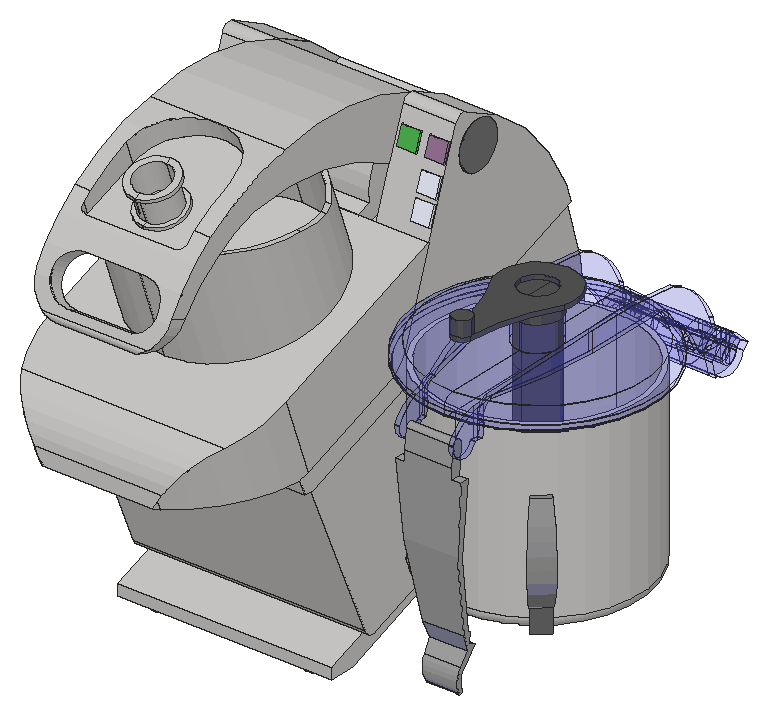
Revit family "QF_DITOSAMA_600431_DTRK45Y", category Specialty Equipment, Revit 2018
Family settings
  Round Connector Dimension = Use Diameter
  Part Type = Normal
  Work Plane-Based = No
  Always vertical = Yes
  Cut with Voids When Loaded = No
  Shared = No
  Room Calculation Point = No
Parameters (values of type "QF_DITO SAMA_600431_DTRK45Y")
  Weight = 27.40 kg
  Watts = 0 W
  Volts = 200 V
  URL Manufacturer = "http://www.ditosama.com"
  URL = "http://www.ditosama.com"
  Steam Supply Size = 0 mm
  Steam Supply Minimum Pressure = 0.0 Pa
  Steam Supply Maximum Pressure = 0.0 Pa
  Steam Pounds per Hour = 0
  Refrigeration Suction Line Size = 0 mm
  Refrigeration Liquid Line Size = 0 mm
  Refrigerant Compressor Remote = yes
  Manufacturer = "Dito Sama"
  Phase = 1
  Model = "DTRK45Y"
  Length Actual = 252 mm  # constant formula
  Item Number = "600431"
  Hot Water Size = 0 mm
  Height Actual = 505 mm  # constant formula
  HP = "1.3 HP"
  Gas Size = 0 mm
  Gas KW = 0
  Gas Input Pressure = 0 W
  Direct Waste Size = 0 mm
  Description = "CUTTER/SLICER 4.5L VARIAB.SPEED-1000W-200-240/1/50-60"
  Depth Actual = 485 mm  # constant formula
  Cycle = 60 Hz
  Condensate Return Size = 0 mm
  Compressed Air Volume = 0.0 L/s
  Compressed Air Size = 0 mm
  Compressed Air Pressure = 0.0 Pa
  Cold Water Size = 0 mm
  Accessory = yes
Reference planes
  plane 1 "Center (Front/Back)": y = 0
  plane 2: z = 0
  plane 3 "Center (Left/Right)": x = 0
  plane 4 "BASE": through (-1506.947, -1354.442, -482.669) normal (0, -0.342, 0.9397)
  plane 5 "TOP": z = 725
  plane 6 "FRONT": y = -250
  plane 7 "BACK": y = 250
  plane 8 "LEFT": x = -126
  plane 9 "RIGHT": x = 126
  plane 10 "BaseSup": through (4267.2, -355.454, 143.983) normal (0, -0.342, 0.9397)
  plane 11 "TopCylinder": z = 505
  plane 12 "panel": through (4267.2, 37.396, 376.789) normal (0, -0.9397, 0.342)
  plane 13 "TAN1": through (4267.2, -242.8, 386.84) normal (0, -0.868, 0.4965)
  plane 14 "cx": x = -4.392
  plane 15: z = 490
  plane 16: z = 685
  plane 17 "EI_1": z = 320
  plane 18: z = 224
  plane 19 "SupportOblique": through (4267.2, 163.975, 96.815) normal (0, 0.809, 0.5878)
  plane 20 "CX2": x = 350
Forms (mm)
  Extrusion 1, solid, material "QF_Finishes_Stainless Steel"
    sketch origin (0, 71.755, 29.173) x (0, 0.939693, 0.34202) y (0, -0.34202, 0.939693)
      loop
        line (196.964, 40) -> (-146.726, 40) -> (-150.519, 29.578) -> (-124.204, 20) -> (196.964, 20) -> (196.964, 40)
    from -114.1 to 114.1
  Extrusion 2, solid, material "QF_Finishes_Stainless Steel"
    sketch origin (0, 71.755, 29.173) x (0, 0.939693, 0.34202) y (0, -0.34202, 0.939693)
      loop
        arc (-117.754, 231.836) -> (-115.679, 141.222) -> (-107.501, 50.953) r 1344.145
        arc (-107.501, 50.953) -> (-103.371, 43.13) -> (-95.098, 40) r 12.5
        line (-95.098, 40) -> (191.415, 40)
        arc (191.415, 40) -> (200.799, 44.052) -> (207.001, 52.177) r 20.212
        arc (207.001, 52.177) -> (236.663, 139.796) -> (245.906, 231.836) r 409.593
        line (245.906, 231.836) -> (-117.754, 231.836)
    from -123.6 to 123.2
  Extrusion 3, solid, material "QF_Finishes_Stainless Steel"
    sketch origin (0, 71.755, 29.173) x (0, 0.939693, 0.34202) y (0, -0.34202, 0.939693)
      loop
        line (-117.754, 231.836) -> (250, 231.836) -> (250, 254)
        arc (250, 254) -> (225.127, 344.7) -> (167.861, 419.303) r 244.524
        arc (167.861, 419.303) -> (160.498, 421.774) -> (153.587, 418.23) r 10
        line (153.587, 418.23) -> (25.432, 265.5)
        arc (25.432, 265.5) -> (14.376, 257.016) -> (0.77, 254) r 32.194
        line (0.77, 254) -> (-128.224, 254) -> (-128.224, 236.946) -> (-117.754, 231.836)
    from -125 to 125
  Extrusion 4, void
    sketch origin (0, 71.755, 29.173) x (0, 0.939693, 0.34202) y (0, -0.34202, 0.939693)
      loop
        line (146.605, 338.403) -> (228.145, 338.403)
        arc (228.145, 338.403) -> (202.221, 381.996) -> (167.861, 419.303) r 244.524
        arc (167.861, 419.303) -> (160.498, 421.774) -> (153.587, 418.23) r 10
        line (153.587, 418.23) -> (72.34, 321.403) -> (146.605, 321.403) -> (146.605, 338.403)
    from -76.755 to 68.071
  Extrusion 5, solid, material "QF_Finishes_Stainless Steel"
    sketch origin (0, 71.755, 29.173) x (0, 0.939693, 0.34202) y (0, -0.34202, 0.939693)
      loop
        line (86.605, 338.403) -> (69.605, 321.403) -> (146.605, 321.403) -> (146.605, 338.403) -> (138.179, 338.403) -> (138.179, 369.367)
        arc (138.179, 369.367) -> (147.784, 373.474) -> (158.149, 372.174) r 19.987
        arc (158.149, 372.174) -> (156.791, 382.001) -> (162.888, 389.826) r 12.748
        arc (162.888, 389.826) -> (123.302, 374.774) -> (101.605, 338.403) r 64.447
        line (101.605, 338.403) -> (86.605, 338.403)
    from -65 to 50
  Extrusion 6, solid, material "QF_Finishes_Stainless Steel"
    sketch origin (539, 71.755, 29.173) x (0, -0.939693, -0.34202) y (0, -0.34202, 0.939693)
      loop
        circle (-169.102, 378.696) r 12.748
    from 489 to 604
  Extrusion 7, solid, material "QF_Finishes_Rubber Black"
    sketch origin (0, 71.755, 29.173) x (0, 0.939693, 0.34202) y (0, -0.34202, 0.939693)
      loop
        circle (169.102, 378.696) r 25
    from 125 to 126.6
  Extrusion 8, solid, material "QF_Finishes_Green"
    sketch origin (-10, -113.728, -38.42) x (0, -0.34202, -0.939693) y (1, 0, 0)
      loop
        line (-529.862, 82.865) -> (-509.862, 82.865) -> (-509.862, 102.865) -> (-529.862, 102.865) -> (-529.862, 82.865)
    from 0 to 1.6
  Extrusion 9, solid, material "QF_Finishes_Red"
    sketch origin (20, -113.728, -38.42) x (0, -0.34202, -0.939693) y (1, 0, 0)
      loop
        line (-529.862, 82.865) -> (-509.862, 82.865) -> (-509.862, 102.865) -> (-529.862, 102.865) -> (-529.862, 82.865)
    from 0 to 1.6
  Extrusion 10, solid, material "QF_Finishes_White"
    sketch origin (19.976, -149.421, -75.636) x (0, -0.34202, -0.939693) y (1, 0, 0)
      loop
        line (-521.192, 82.865) -> (-501.192, 82.865) -> (-501.192, 102.865) -> (-521.192, 102.865) -> (-521.192, 82.865)
    from 0 to 1.6
  Extrusion 11, solid, material "QF_Finishes_Rubber Black"
    sketch origin (-20, -293.925, 99.376) x (0, -1, 0) y (1, 0, 0)
      loop
        circle (-230.144, 103.748) r 10
      loop
        circle (-230.144, -61.252) r 10
    from 9.274 to 3.787
  Extrusion 12, void
    sketch origin (-20.94, 306.731, 139.428) x (-1, 0, 0) y (0, -0.34202, 0.939693)
      loop
        circle (-20.94, 196.093) r 10
    from -1.916 to -26.433
  Extrusion 13, solid, material "QF_Finishes_Stainless Steel"
    sketch origin (-20.94, 306.678, 139.573) x (-1, 0, 0) y (0, -0.34202, 0.939693)
      loop
        circle (-20.94, 195.939) r 9.999
    from -8.514 to -26.433
  Extrusion 14, solid, material "QF_Finishes_Stainless Steel"
    sketch origin (0, -15.119, 267.855) x (0, -0.939693, -0.34202) y (1, 0, 0)
      loop
        line (-86.605, -125) -> (117.754, -125)
        arc (117.754, -125) -> (182.577, -108.838) -> (232.224, -64.135) r 138.076
        arc (232.224, -64.135) -> (246.337, -33.516) -> (250, 0) r 104.824
        arc (250, 0) -> (246.337, 33.516) -> (232.224, 64.135) r 104.824
        arc (232.224, 64.135) -> (182.577, 108.838) -> (117.754, 125) r 138.076
        line (117.754, 125) -> (-86.605, 125) -> (-86.605, -125)
    from 0 to 84.403
  Extrusion 15, void
    sketch origin (0, 71.755, 29.173) x (0, 0.939693, 0.34202) y (0, -0.34202, 0.939693)
      loop
        line (-183.149, 338.403) -> (-263.395, 338.403) -> (-263.395, 254) -> (-128.224, 254) -> (-235.716, 293.124) -> (-229.509, 307.133)
        arc (-229.509, 307.133) -> (-211.109, 329.855) -> (-183.149, 338.403) r 50
      loop
        line (86.605, 338.403) -> (25.432, 265.5)
        arc (25.432, 265.5) -> (14.376, 257.016) -> (0.77, 254) r 32.194
        line (0.77, 254) -> (86.605, 254) -> (86.605, 338.403)
    from -156.555 to 144.79
  Extrusion 16, solid, material "QF_Finishes_Rubber Black"
    sketch origin (-20, -255.757, 37.007) x (0, -0.939693, -0.34202) y (1, 0, 0)
      loop
        circle (-230.144, 103.748) r 10
      loop
        circle (-230.144, -61.252) r 10
    from -1.968 to 3.787
  Extrusion 17, solid, material "QF_Finishes_Stainless Steel"
    sketch origin (0, 0, 0) x (0, 1, 0) y (0, 0, 1)
      loop
        arc (-237.987, 360.286) -> (-193.334, 422.101) -> (-125.907, 457.716) r 167.502
        arc (-125.907, 457.716) -> (-32.614, 457.202) -> (54.785, 424.565) r 266.494
        line (54.785, 424.565) -> (73.036, 474.711)
        arc (73.036, 474.711) -> (77.269, 479.853) -> (83.792, 481.198) r 10
        arc (83.792, 481.198) -> (1.801, 503.572) -> (-83.051, 498.734) r 263.981
        arc (-83.051, 498.734) -> (-135.605, 484.534) -> (-183.511, 458.675) r 236.13
        arc (-183.511, 458.675) -> (-222.818, 420.732) -> (-248.457, 372.49) r 174.407
        arc (-248.457, 372.49) -> (-249.83, 368.135) -> (-247.05, 364.513) r 4.945
        line (-247.05, 364.513) -> (-237.987, 360.286)
    from -76.755 to 68.071
  Extrusion 18, void
    sketch origin (0, -252.846, 369.279) x (0, -0.496521, -0.868025) y (1, 0, 0)
      loop
        line (-13.723, -36.755) -> (-13.723, 28.071)
        arc (-13.723, 28.071) -> (-38.723, 53.071) -> (-63.723, 28.071) r 25
        line (-63.723, 28.071) -> (-63.723, -36.755)
        arc (-63.723, -36.755) -> (-38.723, -61.755) -> (-13.723, -36.755) r 25
    from -148.493 to 7.125
  Extrusion 19, void
    sketch origin (0, -88.076, 32.057) x (0, -0.34202, -0.939693) y (1, 0, 0)
      loop
        line (-257.162, 68.071) -> (-297.162, 68.071)
        arc (-297.162, 68.071) -> (-268.878, 56.356) -> (-257.162, 28.071) r 40
        line (-257.162, 28.071) -> (-257.162, 68.071)
      loop
        line (-257.162, -76.755) -> (-257.162, -36.755)
        arc (-257.162, -36.755) -> (-268.878, -65.039) -> (-297.162, -76.755) r 40
        line (-297.162, -76.755) -> (-257.162, -76.755)
    from 233.374 to 280.473
  Extrusion 20, void
    sketch origin (0, -73.76, 246.511) x (0, -0.939693, -0.34202) y (1, 0, 0)
      loop
        spline (50.415, 43.499) -> (50.302, 44.538) -> (50.07, 45.551) -> (49.722, 46.523) -> (49.265, 47.436) -> (48.705, 48.278) -> (48.053, 49.034) -> (47.317, 49.692) -> (46.511, 50.241) -> (45.647, 50.674) -> (44.738, 50.981) -> (43.801, 51.16) -> (42.848, 51.221)
        line (42.848, 51.221) -> (-21.826, 51.221)
        arc (-21.826, 51.221) -> (-77.476, -4.429) -> (-21.826, -60.078) r 55.65
        line (-21.826, -60.078) -> (42.849, -60.064)
        spline (42.849, -60.064) -> (43.796, -60.017) -> (44.73, -59.836) -> (45.637, -59.525) -> (46.5, -59.088) -> (47.306, -58.532) -> (48.042, -57.867) -> (48.695, -57.103) -> (49.256, -56.253) -> (49.715, -55.331) -> (50.065, -54.351) -> (50.3, -53.329) -> (50.415, -52.283)
        line (50.415, -52.283) -> (50.415, 43.499)
    from 219.928 to 259.975
  Extrusion 21, void
    sketch origin (0, -87.856, 241.381) x (0, -0.939693, -0.34202) y (1, 0, 0)
      loop
        circle (-4.976, -4.429) r 22.5
    from 184.171 to 259.975
  Extrusion 22, solid, material "QF_Finishes_Stainless Steel"
    sketch origin (0, -57.13, 252.564) x (0, -0.939693, -0.34202) y (1, 0, 0)
      loop
        circle (-27.476, -4.429) r 100
      loop
        circle (-27.476, -4.429) r 95
    from 84.403 to 219.928
  Extrusion 23, void
    sketch origin (539, 0, 0) x (0, -1, 0) y (0, 0, 1)
      loop
        line (-7.229, 448.453) -> (38.883, 431.669) -> (53.883, 431.669) -> (97.232, 435.738) -> (172.232, 435.738) -> (200.5, 434.424) -> (12.562, 502.828) -> (-7.229, 448.453)
    from 424.9 to 664
  Revolve 24, solid, material "QF_Finishes_Stainless Steel"
    sketch origin (-4.392, 0, 0) x (0, 1, 0) y (0, 0, 1)
      loop
        line (-159.523, 452.833) -> (-177.266, 446.376) -> (-188.766, 477.973) -> (-195.199, 475.631) -> (-193.959, 472.225) -> (-189.261, 473.935) -> (-179, 445.744) -> (-183.698, 444.034) -> (-182.575, 440.948) -> (-179.543, 442.052) -> (-133.191, 314.7) -> (-112.048, 322.396) -> (-159.523, 452.833)
      axis (-112.048, 322.396) -> (-171.023, 484.431)
    angle from 0 to 360
  Extrusion 25, solid, material "QF_Door-Drawer Clearances", detail levels coarse
    sketch origin (0, -262.072, 735.095) x (0, -0.581279, -0.813704) y (0, 0.813704, -0.581279)
      loop
        arc (-237.987, 360.286) -> (-193.334, 422.101) -> (-125.907, 457.716) r 167.502
        arc (-125.907, 457.716) -> (-61.925, 460.915) -> (0.971, 448.753) r 266.494
        arc (0.971, 448.753) -> (-2.208, 475.472) -> (-2.432, 502.379) r 244.524
        arc (-2.432, 502.379) -> (-31.549, 503.211) -> (-60.594, 500.999) r 278.64
        arc (-60.594, 500.999) -> (-125.023, 488.463) -> (-183.511, 458.675) r 236.13
        arc (-183.511, 458.675) -> (-222.818, 420.732) -> (-248.457, 372.49) r 174.407
        arc (-248.457, 372.49) -> (-249.83, 368.135) -> (-247.05, 364.513) r 4.945
        line (-247.05, 364.513) -> (-237.987, 360.286)
    from -76.755 to 68.071
  Extrusion 26, solid, material "QF_Door-Drawer Clearances", detail levels coarse
    sketch origin (-4.392, 0, -55) x (0, 1, 0) y (0, 0, 1)
      loop
        arc (180.062, 780.324) -> (-149.234, 694.151) -> (-249.905, 368.994) r 350.321
        line (-249.905, 368.994) -> (-246.546, 377.767)
        arc (-246.546, 377.767) -> (-144.345, 691.9) -> (174.993, 776.44) r 345.321
        line (174.993, 776.44) -> (180.062, 780.324)
    from -60 to 60
  Extrusion 27, solid, material "QF_Finishes_Rubber Black"
    sketch origin (-20, -20.834, 122.512) x (0, -0.939693, -0.34202) y (1, 0, 0)
      loop
        circle (-230.144, 103.748) r 10
      loop
        circle (-230.144, -61.252) r 10
    from -1.968 to 3.787
  Extrusion 28, void
    sketch origin (-4.392, 0, 0) x (0, 1, 0) y (0, 0, 1)
      loop
        circle (163.975, 96.815) r 5.399
    from -121.608 to 130.392
  Sweep 29, solid, material "QF_Finishes_Stainless Steel"
    path origin (0, 153.361, 111.423) x (0, -0.587785, 0.809017) y (1, 0, 0)
      loop
        line (-133.401, 56) -> (-133.401, 112.5)
        arc (-133.401, 112.5) -> (-130.472, 119.571) -> (-123.401, 122.5) r 10
        line (-123.401, 122.5) -> (-28.058, 122.5)
        arc (-28.058, 122.5) -> (-20.987, 119.571) -> (-18.058, 112.5) r 10
        line (-18.058, 112.5) -> (-18.058, -112.5)
        arc (-18.058, -112.5) -> (-20.987, -119.571) -> (-28.058, -122.5) r 10
        line (-28.058, -122.5) -> (-123.401, -122.5)
        arc (-123.401, -122.5) -> (-130.472, -119.571) -> (-133.401, -112.5) r 10
        line (-133.401, -112.5) -> (-133.401, -56)
    profile origin (84.25, 231.772, 3.5) x (0, 0.587785, -0.809017) y (0, 0.809017, 0.587785)
      loop
        circle (0, 0) r 3.5
  Extrusion 30, void
    sketch origin (-4.392, 0, 0) x (0, 1, 0) y (0, 0, 1)
      loop
        line (50.281, 42.641) -> (71.708, 50.44) -> (64.376, 57.771) -> (50.281, 52.641) -> (50.281, 42.641)
    from -119.208 to -51.608
  Extrusion 31, void
    sketch origin (4.392, 0, 0) x (0, 1, 0) y (0, 0, -1)
      loop
        line (50.281, -42.641) -> (50.281, -52.641) -> (64.376, -57.771) -> (71.708, -50.44) -> (50.281, -42.641)
    from -119.208 to -51.608
  Extrusion 32, solid, material "QF_Door-Drawer Clearances", detail levels coarse
    sketch origin (350, -160.4, -17.118) x (0, -0.34202, -0.939693) y (0, -0.939693, 0.34202)
      loop
        line (-206.754, 118.191) -> (-331.133, -223.538)
        arc (-331.133, -223.538) -> (-241.482, -246.331) -> (-149.003, -248.426) r 409.593
        arc (-149.003, -248.426) -> (-139.246, -245.378) -> (-132.229, -237.945) r 20.212
        line (-132.229, -237.945) -> (-34.236, 31.289)
        arc (-34.236, 31.289) -> (-34.347, 40.134) -> (-40.286, 46.691) r 12.5
        arc (-40.286, 46.691) -> (-122.314, 85.249) -> (-206.754, 118.191) r 1344.145
    from -123.6 to 123.2
  Extrusion 33, solid, material "QF_Door-Drawer Clearances", detail levels coarse
    sketch origin (350, -160.4, -17.118) x (0, -0.34202, -0.939693) y (0, -0.939693, 0.34202)
      loop
        line (-134.127, -243.16) -> (-115.333, -250) -> (-5.487, 51.799) -> (-5.487, 79.803) -> (-16.578, 79.803) -> (-134.127, -243.16)
    from -114.1 to 114.1
  Extrusion 34, solid, material "QF_Door-Drawer Clearances", detail levels coarse
    sketch origin (330, -388.076, 105.131) x (0, -1, 0) y (1, 0, 0)
      loop
        circle (-230.144, 103.748) r 10
      loop
        circle (-230.144, -61.252) r 10
    from -1.968 to 3.787
  Extrusion 35, solid, material "QF_Door-Drawer Clearances", detail levels coarse
    sketch origin (330, -138.076, 105.131) x (0, -1, 0) y (1, 0, 0)
      loop
        circle (-230.144, 103.748) r 10
      loop
        circle (-230.144, -61.252) r 10
    from -1.968 to 3.787
  Extrusion 36, solid, material "QF_Door-Drawer Clearances", detail levels coarse
    sketch origin (0, 250, 0) x (-1, 0, 0) y (0, 0, 1)
      loop
        circle (-350, 200) r 10
    from -89.12 to -78.665
  Extrusion 37, solid, material "QF_Finishes_White"
    sketch origin (19.976, -140.87, -52.143) x (0, -0.34202, -0.939693) y (1, 0, 0)
      loop
        line (-521.192, 82.865) -> (-501.192, 82.865) -> (-501.192, 102.865) -> (-521.192, 102.865) -> (-521.192, 82.865)
    from 0 to 1.6
Cuts and joins
  Extrusion 4, Extrusion 19, Extrusion 20, Extrusion 21 cuts Extrusion 3
  Extrusion 15, Extrusion 19, Extrusion 20, Extrusion 21 cuts Extrusion 14
  Extrusion 18, Extrusion 19, Extrusion 20, Extrusion 21 cuts Extrusion 17
  Extrusion 12, Extrusion 20, Extrusion 21 cuts Extrusion 2
  Extrusion 23 cuts Extrusion 22
  Extrusion 28, Extrusion 30, Extrusion 31 cuts Extrusion 1
Lines and regions (mm)
  symbolic lines
    curve 1: line (-76.755, 170.4, 0) -> (-76.755, -235.217, 0)
    curve 2: line (68.071, -235.135, 0) -> (68.071, 170.4, 0)
    curve 3: line (-76.755, 83.792, 0) -> (68.071, 83.792, 0)
    curve 4: line (-76.755, 170.4, 0) -> (68.071, 170.4, 0)
    curve 5: line (68.071, -83.051, 0) -> (-76.755, -83.051, 0)
    curve 6: line (-60.078, -136.967, 0) -> (51.221, -136.967, 0)
    curve 7: line (-60.078, -128.47, 0) -> (-60.078, -194.06, 0)
    curve 8: line (51.221, -193.76, 0) -> (51.221, -128.47, 0)
    curve 9: spline (-52.282, -199.891, 0) -> (-53.276, -199.815, 0) -> (-54.25, -199.647, 0) -> (-55.19, -199.39, 0) -> (-56.081, -199.046, 0) -> (-56.909, -198.622, 0) -> (-57.663, -198.124, 0) -> (-58.331, -197.559, 0) -> (-58.902, -196.936, 0) -> (-59.369, -196.264, 0) -> (-59.724, -195.553, 0) -> (-59.961, -194.815, 0) -> (-60.078, -194.06, 0)
    curve 10: line (43.499, -199.901, 0) -> (-52.283, -199.901, 0)
    curve 11: spline (51.218, -193.76, 0) -> (51.156, -194.554, 0) -> (50.964, -195.333, 0) -> (50.645, -196.085, 0) -> (50.204, -196.798, 0) -> (49.648, -197.459, 0) -> (48.986, -198.058, 0) -> (48.229, -198.586, 0) -> (47.39, -199.033, 0) -> (46.483, -199.392, 0) -> (45.521, -199.658, 0) -> (44.521, -199.826, 0) -> (43.499, -199.893, 0)
    curve 12: spline (-4.392, -146.848, 0) -> (-11.05, -147.672, 0) -> (-17.255, -150.087, 0) -> (-22.583, -153.929, 0) -> (-26.672, -158.936, 0) -> (-29.242, -164.766, 0) -> (-30.119, -171.023, 0) -> (-29.242, -177.28, 0) -> (-26.672, -183.111, 0) -> (-22.583, -188.118, 0) -> (-17.255, -191.96, 0) -> (-11.05, -194.375, 0) -> (-4.392, -195.199, 0)
    curve 13: spline (-4.392, -195.199, 0) -> (2.267, -194.375, 0) -> (8.472, -191.96, 0) -> (13.8, -188.118, 0) -> (17.888, -183.111, 0) -> (20.459, -177.28, 0) -> (21.335, -171.023, 0) -> (20.459, -164.766, 0) -> (17.888, -158.936, 0) -> (13.8, -153.929, 0) -> (8.472, -150.087, 0) -> (2.267, -147.672, 0) -> (-4.392, -146.848, 0)
    curve 14: spline (-4.392, -188.766, 0) -> (-9.279, -188.162, 0) -> (-13.832, -186.389, 0) -> (-17.743, -183.569, 0) -> (-20.744, -179.895, 0) -> (-22.63, -175.616, 0) -> (-23.273, -171.023, 0) -> (-22.63, -166.431, 0) -> (-20.744, -162.152, 0) -> (-17.743, -158.477, 0) -> (-13.832, -155.658, 0) -> (-9.279, -153.885, 0) -> (-4.392, -153.281, 0)
    curve 15: spline (-4.392, -153.281, 0) -> (0.495, -153.885, 0) -> (5.049, -155.658, 0) -> (8.96, -158.477, 0) -> (11.96, -162.152, 0) -> (13.846, -166.431, 0) -> (14.49, -171.023, 0) -> (13.846, -175.616, 0) -> (11.96, -179.895, 0) -> (8.96, -183.569, 0) -> (5.049, -186.389, 0) -> (0.495, -188.162, 0) -> (-4.392, -188.766, 0)
    curve 16: spline (-22.254, -165.273, 0) -> (-20.617, -168.597, 0) -> (-18.289, -171.534, 0) -> (-15.368, -173.96, 0) -> (-11.98, -175.77, 0) -> (-8.268, -176.888, 0) -> (-4.392, -177.266, 0) -> (-0.515, -176.888, 0) -> (3.197, -175.77, 0) -> (6.585, -173.96, 0) -> (9.505, -171.534, 0) -> (11.834, -168.597, 0) -> (13.471, -165.273, 0)
    curve 17: spline (21.106, -162.743, 0) -> (21.02, -155.749, 0) -> (18.807, -149.071, 0) -> (14.651, -143.268, 0) -> (8.902, -138.825, 0) -> (2.04, -136.115, 0) -> (-5.361, -135.365, 0) -> (-12.68, -136.637, 0) -> (-19.306, -139.824, 0) -> (-24.683, -144.661, 0) -> (-28.361, -150.742, 0) -> (-30.034, -157.558, 0) -> (-29.559, -164.538, 0)
    curve 18: spline (15.591, -154.349, 0) -> (13.851, -150.277, 0) -> (11.185, -146.674, 0) -> (7.729, -143.723, 0) -> (3.657, -141.574, 0) -> (-0.824, -140.337, 0) -> (-5.485, -140.073, 0) -> (-10.091, -140.797, 0) -> (-14.408, -142.471, 0) -> (-18.216, -145.011, 0) -> (-21.322, -148.287, 0) -> (-23.569, -152.134, 0) -> (-24.843, -156.356, 0)
    curve 19: line (-36.755, -245.358, 0) -> (-36.755, -220.255, 0)
    curve 20: line (28.071, -220.255, 0) -> (28.071, -245.358, 0)
    curve 21: line (-36.755, -220.255, 0) -> (28.071, -220.255, 0)
    curve 22: line (-36.755, -231.961, 0) -> (28.071, -231.961, 0)
    curve 23: line (28.071, -245.358, 0) -> (-36.755, -245.358, 0)
    curve 24: arc (-36.755, -231.961, 0) -> (-47.346, -230.66, 0) -> (-57.309, -226.836, 0) r 43.78
    curve 25: arc (28.071, -231.961, 0) -> (38.611, -230.648, 0) -> (48.525, -226.836, 0) r 43.78
    curve 26: line (108.532, -216.09, 0) -> (68.016, -248.959, 0)
    curve 27: spline (108.532, -216.09, 0) -> (111.117, -211.341, 0) -> (113.492, -206.496, 0) -> (115.654, -201.564, 0) -> (117.598, -196.552, 0) -> (119.32, -191.469, 0) -> (120.82, -186.324, 0) -> (122.092, -181.125, 0) -> (123.137, -175.882, 0) -> (123.951, -170.603, 0) -> (124.533, -165.296, 0) -> (124.883, -159.972, 0) -> (125, -154.639, 0)
    curve 28: line (125, -154.639, 0) -> (125, 227.385, 0)
    curve 29: spline (63.971, -249.433, 0) -> (63.542, -249.481, 0) -> (63.11, -249.529, 0) -> (62.674, -249.577, 0) -> (62.235, -249.624, 0) -> (61.792, -249.672, 0) -> (61.346, -249.719, 0) -> (60.896, -249.766, 0) -> (60.442, -249.813, 0) -> (59.985, -249.86, 0) -> (59.525, -249.907, 0) -> (59.06, -249.954, 0) -> (58.593, -250, 0)
    curve 30: spline (68.016, -248.959, 0) -> (67.688, -248.999, 0) -> (67.358, -249.038, 0) -> (67.026, -249.078, 0) -> (66.693, -249.118, 0) -> (66.359, -249.157, 0) -> (66.022, -249.197, 0) -> (65.684, -249.236, 0) -> (65.345, -249.276, 0) -> (65.004, -249.315, 0) -> (64.661, -249.354, 0) -> (64.317, -249.394, 0) -> (63.971, -249.433, 0)
    curve 31: line (-68.016, -248.959, 0) -> (68.016, -248.959, 0)
    curve 32: line (-68.016, -248.959, 0) -> (-108.532, -216.09, 0)
    curve 33: spline (-63.971, -249.433, 0) -> (-64.317, -249.394, 0) -> (-64.661, -249.354, 0) -> (-65.004, -249.315, 0) -> (-65.345, -249.276, 0) -> (-65.684, -249.236, 0) -> (-66.022, -249.197, 0) -> (-66.359, -249.157, 0) -> (-66.693, -249.118, 0) -> (-67.026, -249.078, 0) -> (-67.358, -249.038, 0) -> (-67.688, -248.999, 0) -> (-68.016, -248.959, 0)
    curve 34: spline (-58.593, -250, 0) -> (-59.06, -249.954, 0) -> (-59.525, -249.907, 0) -> (-59.985, -249.86, 0) -> (-60.442, -249.813, 0) -> (-60.896, -249.766, 0) -> (-61.346, -249.719, 0) -> (-61.792, -249.672, 0) -> (-62.235, -249.624, 0) -> (-62.674, -249.577, 0) -> (-63.11, -249.529, 0) -> (-63.542, -249.481, 0) -> (-63.971, -249.433, 0)
    curve 35: line (-76.755, -235.217, 0) -> (-60.604, -248.457, 0)
    curve 36: spline (-125, -154.639, 0) -> (-124.883, -159.972, 0) -> (-124.533, -165.296, 0) -> (-123.951, -170.603, 0) -> (-123.137, -175.882, 0) -> (-122.092, -181.125, 0) -> (-120.82, -186.324, 0) -> (-119.32, -191.469, 0) -> (-117.598, -196.552, 0) -> (-115.654, -201.564, 0) -> (-113.492, -206.496, 0) -> (-111.117, -211.341, 0) -> (-108.532, -216.09, 0)
    curve 37: line (-125, 227.385, 0) -> (-125, -154.639, 0)
    curve 38: arc (-76.755, -160.023, 0) -> (-93.256, -130.498, 0) -> (-99.37, -97.232, 0) r 103.622
    curve 39: arc (-76.755, -168.026, 0) -> (-96.901, -135.101, 0) -> (-104.377, -97.232, 0) r 109.55
    curve 40: spline (-99.395, -97.232, 0) -> (-99.428, -93.546, 0) -> (-99.341, -89.86, 0) -> (-99.135, -86.178, 0) -> (-98.81, -82.506, 0) -> (-98.367, -78.845, 0) -> (-97.806, -75.201, 0) -> (-97.127, -71.576, 0) -> (-96.331, -67.976, 0) -> (-95.419, -64.402, 0) -> (-94.392, -60.86, 0) -> (-93.251, -57.352, 0) -> (-91.998, -53.883, 0)
    curve 41: arc (-91.998, -53.883, 0) -> (-88.614, -46.234, 0) -> (-84.624, -38.883, 0) r 103.541
    curve 42: spline (-84.624, -38.883, 0) -> (-84.026, -38.009, 0) -> (-83.417, -37.142, 0) -> (-82.798, -36.282, 0) -> (-82.167, -35.428, 0) -> (-81.527, -34.582, 0) -> (-80.876, -33.742, 0) -> (-80.214, -32.91, 0) -> (-79.543, -32.085, 0) -> (-78.861, -31.267, 0) -> (-78.169, -30.457, 0) -> (-77.467, -29.655, 0) -> (-76.755, -28.86, 0)
    curve 43: spline (-90.488, -38.883, 0) -> (-89.506, -37.356, 0) -> (-88.492, -35.846, 0) -> (-87.448, -34.355, 0) -> (-86.375, -32.883, 0) -> (-85.271, -31.43, 0) -> (-84.139, -29.997, 0) -> (-82.978, -28.585, 0) -> (-81.788, -27.193, 0) -> (-80.571, -25.823, 0) -> (-79.326, -24.476, 0) -> (-78.054, -23.15, 0) -> (-76.755, -21.847, 0)
    curve 44: arc (-97.398, -53.883, 0) -> (-94.227, -46.252, 0) -> (-90.488, -38.883, 0) r 109.406
    curve 45: spline (-104.397, -97.232, 0) -> (-104.428, -93.553, 0) -> (-104.346, -89.875, 0) -> (-104.151, -86.201, 0) -> (-103.844, -82.535, 0) -> (-103.425, -78.879, 0) -> (-102.894, -75.238, 0) -> (-102.252, -71.615, 0) -> (-101.499, -68.013, 0) -> (-100.637, -64.435, 0) -> (-99.665, -60.886, 0) -> (-98.585, -57.367, 0) -> (-97.398, -53.883, 0)
    curve 46: spline (-104.429, -60.179, 0) -> (-104.227, -54.213, 0) -> (-103.623, -48.272, 0) -> (-102.618, -42.379, 0) -> (-101.218, -36.558, 0) -> (-99.427, -30.832, 0) -> (-97.253, -25.224, 0) -> (-94.704, -19.758, 0) -> (-91.791, -14.454, 0) -> (-88.526, -9.335, 0) -> (-84.922, -4.421, 0) -> (-80.993, 0.268, 0) -> (-76.755, 4.714, 0)
    curve 47: line (-104.429, -60.179, 0) -> (-104.429, -91.125, 0)
    curve 48: line (-125, 37.396, 0) -> (-76.755, 37.396, 0)
    curve 49: line (-125, 227.385, 0) -> (125, 227.385, 0)
    curve 50: line (-125, 219.805, 0) -> (125, 219.805, 0)
    curve 51: line (-65, 113.885, 0) -> (50, 113.885, 0)
    curve 52: line (50, 113.885, 0) -> (50, 83.792, 0)
    curve 53: line (-65, 113.885, 0) -> (-65, 83.792, 0)
    curve 54: line (-65, 91.491, 0) -> (50, 91.491, 0)
    curve 55: line (50, 93.777, 0) -> (68.071, 93.777, 0)
    curve 56: line (-65, 93.777, 0) -> (-76.755, 93.777, 0)
    curve 57: line (72.865, 67.495, 0) -> (92.865, 67.495, 0)
    curve 58: line (72.865, 59.152, 0) -> (72.865, 67.495, 0)
    curve 59: line (92.865, 59.152, 0) -> (72.865, 59.152, 0)
    curve 60: line (92.865, 67.495, 0) -> (92.865, 59.152, 0)
    curve 61: line (102.865, 67.495, 0) -> (122.865, 67.495, 0)
    curve 62: line (102.865, 59.152, 0) -> (102.865, 67.495, 0)
    curve 63: line (122.865, 59.152, 0) -> (102.865, 59.152, 0)
    curve 64: line (122.865, 67.495, 0) -> (122.865, 59.152, 0)
    curve 65: line (102.841, 48.394, 0) -> (122.841, 48.394, 0)
    curve 66: line (102.841, 40.05, 0) -> (102.841, 48.394, 0)
    curve 67: line (122.841, 40.05, 0) -> (102.841, 40.05, 0)
    curve 68: line (122.841, 48.394, 0) -> (122.841, 40.05, 0)
    curve 69: line (92.865, 65.992, 0) -> (72.865, 65.992, 0)
    curve 70: line (122.865, 65.992, 0) -> (102.865, 65.992, 0)
    curve 71: line (122.841, 46.891, 0) -> (102.841, 46.891, 0)
    curve 72: line (-123.6, 250, 0) -> (123.2, 250, 0)
    curve 73: line (123.2, 227.385, 0) -> (123.2, 250, 0)
    curve 74: line (-123.6, 227.385, 0) -> (-123.6, 250, 0)
    curve 75: line (68.071, 37.396, 0) -> (125, 37.396, 0)
    curve 76: line (68.071, -235.135, 0) -> (51.82, -248.457, 0)
    curve 77: arc (68.071, -159.898, 0) -> (84.5, -130.423, 0) -> (90.587, -97.232, 0) r 103.622
    curve 78: arc (68.071, -167.913, 0) -> (88.145, -135.031, 0) -> (95.593, -97.232, 0) r 109.55
    curve 79: spline (90.612, -97.232, 0) -> (90.644, -93.546, 0) -> (90.558, -89.86, 0) -> (90.352, -86.178, 0) -> (90.027, -82.506, 0) -> (89.584, -78.845, 0) -> (89.022, -75.201, 0) -> (88.343, -71.576, 0) -> (87.547, -67.976, 0) -> (86.636, -64.402, 0) -> (85.609, -60.86, 0) -> (84.468, -57.352, 0) -> (83.214, -53.883, 0)
    curve 80: arc (83.214, -53.883, 0) -> (79.831, -46.234, 0) -> (75.841, -38.883, 0) r 103.541
    curve 81: spline (75.841, -38.883, 0) -> (75.25, -38.019, 0) -> (74.648, -37.162, 0) -> (74.036, -36.312, 0) -> (73.414, -35.468, 0) -> (72.781, -34.631, 0) -> (72.138, -33.801, 0) -> (71.485, -32.977, 0) -> (70.822, -32.161, 0) -> (70.149, -31.353, 0) -> (69.466, -30.551, 0) -> (68.774, -29.757, 0) -> (68.071, -28.97, 0)
    curve 82: spline (81.705, -38.883, 0) -> (80.729, -37.365, 0) -> (79.722, -35.865, 0) -> (78.685, -34.383, 0) -> (77.619, -32.92, 0) -> (76.523, -31.476, 0) -> (75.399, -30.051, 0) -> (74.246, -28.647, 0) -> (73.066, -27.263, 0) -> (71.857, -25.901, 0) -> (70.622, -24.56, 0) -> (69.36, -23.242, 0) -> (68.071, -21.946, 0)
    curve 83: arc (88.615, -53.883, 0) -> (85.443, -46.252, 0) -> (81.705, -38.883, 0) r 109.406
    curve 84: spline (95.614, -97.232, 0) -> (95.644, -93.553, 0) -> (95.562, -89.875, 0) -> (95.368, -86.201, 0) -> (95.061, -82.535, 0) -> (94.641, -78.879, 0) -> (94.111, -75.238, 0) -> (93.469, -71.615, 0) -> (92.716, -68.013, 0) -> (91.853, -64.435, 0) -> (90.882, -60.886, 0) -> (89.802, -57.367, 0) -> (88.615, -53.883, 0)
    curve 85: spline (95.645, -60.179, 0) -> (95.444, -54.225, 0) -> (94.842, -48.295, 0) -> (93.842, -42.413, 0) -> (92.446, -36.602, 0) -> (90.662, -30.886, 0) -> (88.496, -25.287, 0) -> (85.957, -19.829, 0) -> (83.055, -14.533, 0) -> (79.802, -9.421, 0) -> (76.21, -4.512, 0) -> (72.295, 0.173, 0) -> (68.071, 4.615, 0)
    curve 86: line (95.645, -60.179, 0) -> (95.645, -91.125, 0)
    curve 87: line (102.841, 56.945, 0) -> (122.841, 56.945, 0)
    curve 88: line (122.841, 55.441, 0) -> (102.841, 55.441, 0)
    curve 89: line (102.841, 56.945, 0) -> (102.841, 48.394, 0)
    curve 90: line (102.841, 48.601, 0) -> (122.841, 48.601, 0)
    curve 91: line (122.841, 48.601, 0) -> (122.841, 56.945, 0)
Dimensions and locks
  plane 5 "TOP" to level = 725 mm  (x2)
  plane 8 "LEFT" to plane 3 "Center (Left/Right)" to plane 9 "RIGHT" = 126 mm, 126 mm
  plane 7 "BACK" to plane 1 "Center (Front/Back)" to plane 6 "FRONT" = 250 mm, 250 mm
  plane 5 "TOP" to plane 2 = 725 mm
  plane 5 "TOP" to plane 11 "TopCylinder" = 220 mm
  plane 6 "FRONT" to plane 7 "BACK" = 500 mm
  plane 7 "BACK" to plane 6 "FRONT" = 500 mm
  plane 11 "TopCylinder" to level = 505 mm  (x2)
  plane 15 to level = 490 mm  (x2)
  plane 16 to level = 685 mm
  plane 17 "EI_1" to level = 320 mm
  plane 18 to level = 224 mm
  plane 16 to plane 2 = 685 mm
  plane 9 "RIGHT" to plane 8 "LEFT" = 252 mm
  aligned and locked: level to plane 2
Nested families
  nested 1: "600428_BOWL" at (360, -39.665, -20.592), type "600428_BOWL"
Connectors
  electrical at (0, 231.662, 320.783), driven by "Volts"
    settings: on Extrusion 13, index 1, voltage 200 V, apparent load 0 VA, apparent load phase1 0 VA, apparent load phase2 0 VA, apparent load phase3 0 VA, power factor 1, load classification "Other", number of poles 1, system type 30, power factor state 1, is connector primary yes, connector utility no, sub classification motor no, connector description "Electrical Connection"
Definition of nested family "600428_BOWL"
  Reference planes
    plane 1 "Center (Front/Back)": y = 0
    plane 2: z = 0
    plane 3 "Center (Left/Right)": x = 0
    plane 4 "TOP": z = 705.4
    plane 5 "FRONT": y = -211
    plane 6 "BACK": y = 211
    plane 7 "LEFT": x = -128
    plane 8 "RIGHT": x = 128
    plane 9 "CenterX": x = -10
    plane 10 "Maniglia": through (-10, -59.177, 4000) normal (0.766, 0.6428, 0)
    plane 11 "Panel": through (4267.2, 107.252, 388.448) normal (0, 0.766, -0.6428)
    plane 12: z = 510
  Forms (mm)
    Revolve 1, solid
      sketch origin (-10, 0, 0) x (0, -1, 0) y (0, 0, 1)
        loop
          line (59.177, 490.527) -> (28.516, 490.527) -> (35.424, 483.619) -> (35.424, 470.527) -> (38.194, 470.527) -> (38.194, 356.104) -> (59.177, 356.104) -> (59.177, 490.527)
        axis (59.177, 356.104) -> (59.177, 490.527)
      angle from 0 to 360
    Extrusion 2, solid
      sketch origin (0, 0, 0) x (1, 0, 0) y (0, 1, 0)
        loop
          arc (-48.167, -71.147) -> (-28.951, -114.517) -> (-19.956, -161.093) r 210.055
          arc (-19.956, -161.093) -> (-10, -170.155) -> (-0.044, -161.093) r 10
          arc (-0.044, -161.093) -> (8.951, -114.517) -> (28.167, -71.147) r 210.055
          arc (28.167, -71.147) -> (-10, -19.177) -> (-48.167, -71.147) r 40
      from 490.527 to 495.013
    Extrusion 3, solid
      sketch origin (0, 0, 0) x (1, 0, 0) y (0, 1, 0)
        loop
          circle (-10, -160.155) r 10
      from 495.013 to 510.592
    Extrusion 4, void
      sketch origin (0, 0, 0) x (1, 0, 0) y (0, 1, 0)
        loop
          circle (-10, -59.177) r 19
      from 467.615 to 512.796
    Extrusion 5, void
      sketch origin (-20, 0, 0) x (-1, 0, 0) y (0, -1, 0)
        loop
          line (16.15, 177.864) -> (16.15, -123.86) -> (35.771, -123.86) -> (35.771, 48.192)
          arc (35.771, 48.192) -> (30.047, 105.502) -> (17.781, 161.776) r 500.876
          line (17.781, 161.776) -> (17.781, 171.776) -> (16.15, 177.864)
        loop
          line (40.771, -123.86) -> (45.852, -123.86) -> (45.852, 210.681) -> (21.15, 210.681) -> (21.15, 178.522) -> (22.781, 172.434) -> (22.781, 162.459)
          arc (22.781, 162.459) -> (35.047, 105.893) -> (40.771, 48.297) r 505.876
          line (40.771, 48.297) -> (40.771, -123.86)
      from 381.652 to 477.521
    Extrusion 6, solid
      sketch origin (-20, 0, 0) x (0, 1, 0) y (0, 0, -1)
        loop
          line (-173.064, -409.647) -> (-181.147, -409.647)
          arc (-181.147, -409.647) -> (-199.354, -399.982) -> (-210.844, -417.096) r 15.391
          arc (-210.844, -417.096) -> (-202.04, -429.372) -> (-189.058, -437.099) r 36.946
          arc (-189.058, -437.099) -> (-65.868, -463.241) -> (59.99, -458.888) r 518.061
          arc (59.99, -458.888) -> (92.246, -438.11) -> (113.023, -405.855) r 90.696
          arc (113.023, -405.855) -> (114.903, -399.662) -> (115.972, -393.28) r 50.278
          arc (115.972, -393.28) -> (121.968, -392.806) -> (127.203, -389.844) r 13.902
          arc (127.203, -389.844) -> (135.322, -382.188) -> (143.082, -374.167) r 242.898
          line (143.082, -374.167) -> (137.378, -368.464)
          arc (137.378, -368.464) -> (123.613, -353.84) -> (104.088, -358.543) r 20
          line (104.088, -358.543) -> (99.34, -358.543)
          arc (99.34, -358.543) -> (88.098, -393.587) -> (65.823, -422.884) r 108.872
          line (65.823, -422.884) -> (50.823, -422.884)
          arc (50.823, -422.884) -> (52.796, -423.701) -> (53.614, -425.674) r 2.79
          line (53.614, -425.674) -> (53.614, -430.892)
          arc (53.614, -430.892) -> (50.154, -439.244) -> (41.802, -442.703) r 11.812
          line (41.802, -442.703) -> (-160.307, -442.703)
          arc (-160.307, -442.703) -> (-168.659, -439.244) -> (-172.119, -430.892) r 11.812
          line (-172.119, -430.892) -> (-172.119, -425.826)
          arc (-172.119, -425.826) -> (-171.728, -424.361) -> (-170.659, -423.285) r 2.942
          line (-170.659, -423.285) -> (-173.064, -409.647)
        loop
          circle (117.901, -373.007) r 9.416
      from 16.15 to 45.852
    Extrusion 7, solid
      sketch origin (0, 0, 0) x (0, 1, 0) y (0, 0, 1)
        loop
          line (137.378, 368.464) -> (143.082, 374.167)
          arc (143.082, 374.167) -> (135.322, 382.188) -> (127.203, 389.844) r 242.898
          arc (127.203, 389.844) -> (116.931, 393.38) -> (107.252, 388.448) r 13.902
          line (107.252, 388.448) -> (95.766, 374.76)
          arc (95.766, 374.76) -> (97.862, 366.72) -> (99.34, 358.543) r 108.872
          line (99.34, 358.543) -> (104.088, 358.543)
          arc (104.088, 358.543) -> (123.613, 353.84) -> (137.378, 368.464) r 20
        loop
          circle (117.901, 373.007) r 9.416
      from -71.073 to 53.607
    Extrusion 8, solid
      sketch origin (0, 0, 0) x (0, 1, 0) y (0, 0, 1)
        loop
          arc (-182.273, 168.111) -> (-185.377, 178.111) -> (-182.273, 188.111) r 17.658
          line (-182.273, 188.111) -> (-169.592, 207.294) -> (-177.764, 211.104) -> (-177.764, 222.201) -> (-180.378, 224.815)
          arc (-180.378, 224.815) -> (-195.887, 307.452) -> (-195.295, 391.529) r 437.299
          line (-195.295, 391.529) -> (-193.232, 411.422)
          arc (-193.232, 411.422) -> (-197.69, 416.911) -> (-203.179, 412.454) r 5
          line (-203.179, 412.454) -> (-205.242, 392.56)
          arc (-205.242, 392.56) -> (-202.268, 306.332) -> (-185.461, 221.705) r 534.528
          line (-185.461, 221.705) -> (-177.764, 203.503) -> (-186.394, 190.943)
          arc (-186.394, 190.943) -> (-190.377, 178.111) -> (-186.394, 165.28) r 22.658
          arc (-186.394, 165.28) -> (-182.917, 164.635) -> (-182.273, 168.111) r 2.5
      from -49.646 to 27.326
    Extrusion 9, void
      sketch origin (0, -211, 0) x (-1, 0, 0) y (0, 0, 1)
        loop
          line (-15.15, 416.938) -> (-47.326, 416.938) -> (-47.326, 161.938) -> (-6.963, 161.938) -> (-24.508, 381.652) -> (-15.15, 381.652) -> (-15.15, 416.938)
        loop
          line (26.963, 161.938) -> (77.918, 161.938) -> (77.918, 416.938) -> (35.15, 416.938) -> (35.15, 381.652) -> (44.508, 381.652) -> (26.963, 161.938)
      from 46.08 to -69.339
    Extrusion 10, solid
      sketch origin (0, 0, 0) x (0, 1, 0) y (0, 0, 1)
        loop
          line (-173.064, 409.647) -> (-170.659, 423.285)
          arc (-170.659, 423.285) -> (-171.728, 424.361) -> (-172.119, 425.826) r 2.942
          line (-172.119, 425.826) -> (-172.119, 430.892)
          arc (-172.119, 430.892) -> (-168.659, 439.244) -> (-160.307, 442.703) r 11.812
          line (-160.307, 442.703) -> (41.802, 442.703)
          arc (41.802, 442.703) -> (50.154, 439.244) -> (53.614, 430.892) r 11.812
          line (53.614, 430.892) -> (53.614, 425.674)
          arc (53.614, 425.674) -> (52.796, 423.701) -> (50.823, 422.884) r 2.79
          line (50.823, 422.884) -> (65.823, 422.884)
          arc (65.823, 422.884) -> (88.098, 393.587) -> (99.34, 358.543) r 108.872
          line (99.34, 358.543) -> (104.088, 358.543)
          arc (104.088, 358.543) -> (123.613, 353.84) -> (137.378, 368.464) r 20
          line (137.378, 368.464) -> (143.082, 374.167)
          arc (143.082, 374.167) -> (135.322, 382.188) -> (127.203, 389.844) r 242.898
          arc (127.203, 389.844) -> (121.968, 392.806) -> (115.972, 393.28) r 13.902
          arc (115.972, 393.28) -> (114.903, 399.662) -> (113.023, 405.855) r 50.278
          arc (113.023, 405.855) -> (92.246, 438.11) -> (59.99, 458.888) r 90.696
          arc (59.99, 458.888) -> (-65.868, 463.241) -> (-189.058, 437.099) r 518.061
          arc (-189.058, 437.099) -> (-202.04, 429.372) -> (-210.844, 417.096) r 36.946
          arc (-210.844, 417.096) -> (-199.354, 399.982) -> (-181.147, 409.647) r 15.391
          line (-181.147, 409.647) -> (-173.064, 409.647)
        loop
          circle (117.901, 373.007) r 9.416
      from 16.15 to 45.852
    Extrusion 11, void
      sketch origin (0, 0, 0) x (1, 0, 0) y (0, 1, 0)
        loop
          line (16.15, -177.864) -> (17.781, -171.776) -> (17.781, -161.776)
          arc (17.781, -161.776) -> (30.047, -105.502) -> (35.771, -48.192) r 500.876
          line (35.771, -48.192) -> (35.771, 123.86) -> (16.15, 123.86) -> (16.15, -177.864)
        loop
          line (40.771, 123.86) -> (40.771, -48.297)
          arc (40.771, -48.297) -> (35.047, -105.893) -> (22.781, -162.459) r 505.876
          line (22.781, -162.459) -> (22.781, -172.434) -> (21.15, -178.522) -> (21.15, -210.681) -> (45.852, -210.681) -> (45.852, 123.86) -> (40.771, 123.86)
      from 381.652 to 477.521
    Revolve 12, solid
      sketch origin (-10, 0, 0) x (0, -1, 0) y (0, 0, 1)
        loop
          line (38.194, 422.884) -> (38.194, 470.527) -> (35.424, 470.527) -> (35.424, 442.703) -> (-53.802, 442.703)
          arc (-53.802, 442.703) -> (-62.213, 439.268) -> (-65.732, 430.892) r 11.871
          line (-65.732, 430.892) -> (-65.732, 425.793)
          arc (-65.732, 425.793) -> (-64.88, 423.736) -> (-62.823, 422.884) r 2.909
          line (-62.823, 422.884) -> (38.194, 422.884)
        axis (59.177, 422.884) -> (59.177, 470.527)
      angle from 0 to 360
    Revolve 13, solid
      sketch origin (-10, 0, 0) x (0, -1, 0) y (0, 0, 1)
        loop
          line (169.177, 422.884) -> (164.177, 422.884) -> (164.177, 237.884)
          arc (164.177, 237.884) -> (162.191, 233.09) -> (157.397, 231.104) r 6.78
          line (157.397, 231.104) -> (84.177, 231.104) -> (84.177, 356.104) -> (79.177, 356.104) -> (79.177, 226.104) -> (157.397, 226.104)
          arc (157.397, 226.104) -> (165.726, 229.554) -> (169.177, 237.884) r 11.78
          line (169.177, 237.884) -> (169.177, 422.884)
        axis (59.177, 422.884) -> (59.177, 226.104)
      angle from 0 to 360
    Extrusion 14, solid
      sketch origin (-49.423, -13.925, 0) x (0.634002, 0.773331, 0) y (-0.773331, 0.634002, 0)
        loop
          line (-55.497, -222.333) -> (-26.468, -227.794) -> (-20.635, -161.119)
          arc (-20.635, -161.119) -> (-28.727, -159.898) -> (-36.729, -158.185) r 133.529
          line (-36.729, -158.185) -> (-55.497, -222.333)
      from 226.104 to 356.104
    Revolve 15, void
      sketch origin (-35.007, -29.374, 0) x (-0.642788, 0.766044, 0) y (0, 0, 1)
        loop
          arc (-155.215, 337.579) -> (-171.344, 302.579) -> (-155.215, 267.579) r 46.04
          line (-155.215, 267.579) -> (-147.754, 267.579) -> (-147.754, 337.579) -> (-155.215, 337.579)
        loop
          line (-155.215, 356.104) -> (-147.754, 356.104) -> (-147.754, 361.761) -> (-215.215, 361.761) -> (-215.215, 226.104) -> (-147.754, 226.104) -> (-147.754, 256.485) -> (-163.93, 256.485)
          arc (-163.93, 256.485) -> (-184.453, 308.471) -> (-155.215, 356.104) r 62.537
        axis (10, 361.761) -> (10, 226.104)
      angle from -8.217 to 8.652
    Extrusion 16, solid
      sketch origin (0, 0, 0) x (1, 0, 0) y (0, 1, 0)
        loop
          arc (57.446, -154.071) -> (64.931, -148.135) -> (72.061, -141.775) r 165.215
          line (72.061, -141.775) -> (66.401, -136.116)
          arc (66.401, -136.116) -> (59.824, -141.977) -> (52.928, -147.46) r 157.215
          line (52.928, -147.46) -> (57.446, -154.071)
      from 226.104 to 256.485
    Revolve 17, solid, detail levels coarse
      sketch origin (-10, -235.136, 499.949) x (0, 0, 1) y (0, 1, 0)
        loop
          line (59.177, 490.527) -> (28.516, 490.527) -> (35.424, 483.619) -> (35.424, 470.527) -> (38.194, 470.527) -> (38.194, 442.703) -> (59.177, 442.703) -> (59.177, 490.527)
        axis (59.177, 442.703) -> (59.177, 490.527)
      angle from 0 to 360
    Extrusion 18, solid, detail levels coarse
      sketch origin (0, -235.136, 499.949) x (1, 0, 0) y (0, 0, -1)
        loop
          arc (-48.167, -71.147) -> (-28.951, -114.517) -> (-19.956, -161.093) r 210.055
          arc (-19.956, -161.093) -> (-10, -170.155) -> (-0.044, -161.093) r 10
          arc (-0.044, -161.093) -> (8.951, -114.517) -> (28.167, -71.147) r 210.055
          arc (28.167, -71.147) -> (-10, -19.177) -> (-48.167, -71.147) r 40
      from 490.527 to 495.013
    Extrusion 19, solid, detail levels coarse
      sketch origin (0, -235.136, 499.949) x (1, 0, 0) y (0, 0, -1)
        loop
          circle (-10, -160.155) r 10
      from 495.013 to 510.592
    Extrusion 20, void
      sketch origin (-20, -221.856, 479.359) x (-1, 0, 0) y (0, 0, 1)
        loop
          line (16.15, 177.864) -> (16.15, -123.86) -> (35.771, -123.86) -> (35.771, 48.192)
          arc (35.771, 48.192) -> (30.047, 105.502) -> (17.781, 161.776) r 500.876
          line (17.781, 161.776) -> (17.781, 171.776) -> (16.15, 177.864)
        loop
          line (40.771, -123.86) -> (45.852, -123.86) -> (45.852, 217.003) -> (21.15, 217.003) -> (21.15, 178.522) -> (22.781, 172.434) -> (22.781, 162.459)
          arc (22.781, 162.459) -> (35.047, 105.893) -> (40.771, 48.297) r 505.876
          line (40.771, 48.297) -> (40.771, -123.86)
      from 350.345 to 477.521
    Extrusion 21, solid, detail levels coarse
      sketch origin (-20, -235.136, 499.949) x (0, 0, -1) y (0, -1, 0)
        loop
          line (-173.064, -409.647) -> (-181.303, -409.647)
          arc (-181.303, -409.647) -> (-196.341, -401.818) -> (-205.451, -416.117) r 12.548
          arc (-205.451, -416.117) -> (-199.87, -428.651) -> (-189.058, -437.099) r 28.357
          arc (-189.058, -437.099) -> (-65.868, -463.241) -> (59.99, -458.888) r 518.061
          arc (59.99, -458.888) -> (92.246, -438.11) -> (113.023, -405.855) r 90.696
          arc (113.023, -405.855) -> (114.903, -399.662) -> (115.972, -393.28) r 50.278
          arc (115.972, -393.28) -> (121.968, -392.806) -> (127.203, -389.844) r 13.902
          arc (127.203, -389.844) -> (130.645, -386.684) -> (134.025, -383.459) r 242.898
          arc (134.025, -383.459) -> (118.878, -371.582) -> (104.72, -358.543) r 242.898
          line (104.72, -358.543) -> (99.34, -358.543)
          arc (99.34, -358.543) -> (88.098, -393.587) -> (65.823, -422.884) r 108.872
          line (65.823, -422.884) -> (50.823, -422.884)
          arc (50.823, -422.884) -> (52.796, -423.701) -> (53.614, -425.674) r 2.79
          line (53.614, -425.674) -> (53.614, -430.892)
          arc (53.614, -430.892) -> (50.154, -439.244) -> (41.802, -442.703) r 11.812
          line (41.802, -442.703) -> (-160.307, -442.703)
          arc (-160.307, -442.703) -> (-168.659, -439.244) -> (-172.119, -430.892) r 11.812
          line (-172.119, -430.892) -> (-172.119, -425.826)
          arc (-172.119, -425.826) -> (-171.728, -424.361) -> (-170.659, -423.285) r 2.942
          line (-170.659, -423.285) -> (-173.064, -409.647)
      from 16.15 to 45.852
    Extrusion 22, void
      sketch origin (0, -221.856, 479.359) x (1, 0, 0) y (0, 0, -1)
        loop
          line (16.15, -177.864) -> (17.781, -171.776) -> (17.781, -161.776)
          arc (17.781, -161.776) -> (30.047, -105.502) -> (35.771, -48.192) r 500.876
          line (35.771, -48.192) -> (35.771, 123.86) -> (16.15, 123.86) -> (16.15, -177.864)
        loop
          line (40.771, 123.86) -> (40.771, -48.297)
          arc (40.771, -48.297) -> (35.047, -105.893) -> (22.781, -162.459) r 505.876
          line (22.781, -162.459) -> (22.781, -172.434) -> (21.15, -178.522) -> (21.15, -217.003) -> (45.852, -217.003) -> (45.852, 123.86) -> (40.771, 123.86)
      from 350.345 to 477.521
    Extrusion 23, solid, detail levels coarse
      sketch origin (0, -235.136, 499.949) x (0, 0, -1) y (0, 1, 0)
        loop
          line (-173.064, 409.647) -> (-170.659, 423.285)
          arc (-170.659, 423.285) -> (-171.728, 424.361) -> (-172.119, 425.826) r 2.942
          line (-172.119, 425.826) -> (-172.119, 430.892)
          arc (-172.119, 430.892) -> (-168.659, 439.244) -> (-160.307, 442.703) r 11.812
          line (-160.307, 442.703) -> (41.802, 442.703)
          arc (41.802, 442.703) -> (50.154, 439.244) -> (53.614, 430.892) r 11.812
          line (53.614, 430.892) -> (53.614, 425.674)
          arc (53.614, 425.674) -> (52.796, 423.701) -> (50.823, 422.884) r 2.79
          line (50.823, 422.884) -> (65.823, 422.884)
          arc (65.823, 422.884) -> (88.098, 393.587) -> (99.34, 358.543) r 108.872
          line (99.34, 358.543) -> (104.72, 358.543)
          arc (104.72, 358.543) -> (118.878, 371.582) -> (134.025, 383.459) r 242.898
          arc (134.025, 383.459) -> (130.645, 386.684) -> (127.203, 389.844) r 242.898
          arc (127.203, 389.844) -> (121.968, 392.806) -> (115.972, 393.28) r 13.902
          arc (115.972, 393.28) -> (114.903, 399.662) -> (113.023, 405.855) r 50.278
          arc (113.023, 405.855) -> (92.246, 438.11) -> (59.99, 458.888) r 90.696
          arc (59.99, 458.888) -> (-65.868, 463.241) -> (-189.058, 437.099) r 518.061
          arc (-189.058, 437.099) -> (-199.87, 428.651) -> (-205.451, 416.117) r 28.357
          arc (-205.451, 416.117) -> (-196.341, 401.818) -> (-181.303, 409.647) r 12.548
          line (-181.303, 409.647) -> (-173.064, 409.647)
      from 16.15 to 45.852
    Revolve 24, solid, detail levels coarse
      sketch origin (-10, -235.136, 499.949) x (0, 0, 1) y (0, 1, 0)
        loop
          line (38.194, 422.884) -> (38.194, 470.527) -> (35.424, 470.527) -> (35.424, 442.703) -> (-53.802, 442.703)
          arc (-53.802, 442.703) -> (-62.213, 439.268) -> (-65.732, 430.892) r 11.871
          line (-65.732, 430.892) -> (-65.732, 425.793)
          arc (-65.732, 425.793) -> (-64.88, 423.736) -> (-62.823, 422.884) r 2.909
          line (-62.823, 422.884) -> (38.194, 422.884)
        axis (59.177, 422.884) -> (59.177, 470.527)
      angle from 0 to 360
    Extrusion 25, void
      sketch origin (0, 0, 0) x (0, 1, 0) y (0, 0, 1)
        loop
          line (-210.681, 417.459) -> (-211.654, 417.459) -> (-211.654, 411.793) -> (-210.681, 411.793) -> (-210.681, 417.459)
      from -41.15 to -65.852
    Extrusion 26, void
      sketch origin (0, 0, 0) x (0, 1, 0) y (0, 0, 1)
        loop
          line (-210.681, 417.459) -> (-211.654, 417.459) -> (-211.654, 411.793) -> (-210.681, 411.793) -> (-210.681, 417.459)
      from 21.15 to 45.852
  Cuts and joins
    Extrusion 4 cuts Extrusion 2
    Extrusion 5, Extrusion 11, Extrusion 20, Extrusion 22, Extrusion 25 cuts Extrusion 6
    Extrusion 9, Extrusion 11, Extrusion 20 cuts Extrusion 8
    Extrusion 11, Extrusion 20, Extrusion 22 cuts Extrusion 7
    Extrusion 11, Extrusion 26 cuts Extrusion 10
    Revolve 15 cuts Extrusion 14
    Extrusion 20 cuts Revolve 12
    Extrusion 20 cuts Revolve 13
    Extrusion 20, Extrusion 22 cuts Extrusion 21
    Extrusion 22 cuts Extrusion 23
  Lines and regions (mm)
    symbolic lines
      curve 1: arc (-10, -172.155, 0) -> (3.999, -171.284, 0) -> (17.781, -168.686, 0) r 112.979
      curve 2: arc (-10, -184.085, 0) -> (-23.148, -183.391, 0) -> (-36.15, -181.317, 0) r 124.909
      curve 3: line (128, -157.764, 0) -> (128, 191, 0)
      curve 4: line (124.8, 106.204, 0) -> (59.066, 106.204, 0)
      curve 5: line (102.599, 90.494, 0) -> (117.599, 90.494, 0)
      curve 6: line (117.599, 87.22, 0) -> (102.599, 87.22, 0)
      curve 7: line (102.599, 76.352, 0) -> (117.599, 76.352, 0)
      curve 8: line (117.599, 73.078, 0) -> (102.599, 73.078, 0)
      curve 9: line (102.599, 62.211, 0) -> (117.599, 62.211, 0)
      curve 10: line (117.599, 58.937, 0) -> (102.599, 58.937, 0)
      curve 11: line (102.599, 48.07, 0) -> (117.599, 48.07, 0)
      curve 12: line (102.599, 58.937, 0) -> (102.599, 48.07, 0)
      curve 13: line (117.599, 48.07, 0) -> (117.599, 58.937, 0)
      curve 14: line (117.599, 62.211, 0) -> (117.599, 73.078, 0)
      curve 15: line (102.599, 73.078, 0) -> (102.599, 62.211, 0)
      curve 16: line (102.599, 87.22, 0) -> (102.599, 76.352, 0)
      curve 17: line (117.599, 76.352, 0) -> (117.599, 87.22, 0)
      curve 18: line (117.599, 90.494, 0) -> (117.599, 101.361, 0)
      curve 19: line (102.599, 101.361, 0) -> (102.599, 90.494, 0)
      curve 20: arc (-0.044, -161.093, 0) -> (8.951, -114.517, 0) -> (28.167, -71.147, 0) r 210.055
      curve 21: arc (28.167, -71.147, 0) -> (-10, -19.177, 0) -> (-48.167, -71.147, 0) r 40
      curve 22: arc (-48.167, -71.147, 0) -> (-28.951, -114.517, 0) -> (-19.956, -161.093, 0) r 210.055
      curve 23: arc (-19.956, -161.093, 0) -> (-10, -170.155, 0) -> (-0.044, -161.093, 0) r 10
      curve 24: arc (0, -160.155, 0) -> (-10, -150.155, 0) -> (-20, -160.155, 0) r 10
      curve 25: arc (-55.771, -48.192, 0) -> (-50.047, -105.502, 0) -> (-37.781, -161.776, 0) r 500.876
      curve 26: arc (-42.781, -162.459, 0) -> (-55.047, -105.893, 0) -> (-60.771, -48.297, 0) r 505.876
      curve 27: line (-55.771, 123.86, 0) -> (-55.771, -48.192, 0)
      curve 28: line (-60.771, -48.297, 0) -> (-60.771, 123.86, 0)
      curve 29: line (40.771, 123.86, 0) -> (40.771, -48.297, 0)
      curve 30: line (35.771, -48.192, 0) -> (35.771, 123.86, 0)
      curve 31: arc (40.771, -48.297, 0) -> (35.047, -105.893, 0) -> (22.781, -162.459, 0) r 505.876
      curve 32: arc (17.781, -161.776, 0) -> (30.047, -105.502, 0) -> (35.771, -48.192, 0) r 500.876
      curve 33: line (22.781, -162.459, 0) -> (22.781, -172.434, 0)
      curve 34: line (17.781, -171.776, 0) -> (17.781, -161.776, 0)
      curve 35: line (16.15, -177.864, 0) -> (17.781, -171.776, 0)
      curve 36: line (22.781, -172.434, 0) -> (21.15, -178.522, 0)
      curve 37: line (21.15, -178.522, 0) -> (21.15, -211, 0)
      curve 38: line (-37.781, -161.776, 0) -> (-37.781, -171.776, 0)
      curve 39: line (-42.781, -172.434, 0) -> (-42.781, -162.459, 0)
      curve 40: line (-41.15, -178.522, 0) -> (-42.781, -172.434, 0)
      curve 41: line (-37.781, -171.776, 0) -> (-36.15, -177.864, 0)
      curve 42: line (-41.15, -211, 0) -> (-41.15, -178.522, 0)
      curve 43: spline (22.008, -197.61, 0) -> (21.937, -197.617, 0) -> (21.865, -197.622, 0) -> (21.794, -197.626, 0) -> (21.722, -197.627, 0) -> (21.651, -197.627, 0) -> (21.579, -197.625, 0) -> (21.508, -197.621, 0) -> (21.436, -197.615, 0) -> (21.365, -197.608, 0) -> (21.293, -197.598, 0) -> (21.222, -197.587, 0) -> (21.15, -197.574, 0)
      curve 44: line (-71.073, 171.51, 0) -> (53.607, 171.51, 0)
      curve 45: line (59.066, 46.214, 0) -> (124.8, 46.214, 0)
      curve 46: line (59.066, 106.204, 0) -> (59.066, 46.214, 0)
      curve 47: line (124.8, 46.214, 0) -> (124.8, 107.429, 0)
      curve 48: line (53.607, 48.324, 0) -> (53.607, 171.51, 0)
      curve 49: line (-71.073, 171.51, 0) -> (-71.073, 49.783, 0)
      curve 50: arc (40.771, 54.948, 0) -> (114.476, -69.566, 0) -> (21.15, -180.138, 0) r 124.909
      curve 51: arc (-60.771, 41.751, 0) -> (-122.562, -68.863, 0) -> (-42.781, -167.295, 0) r 112.979
      curve 52: line (93.154, -162.392, 0) -> (78.293, -147.531, 0)
      curve 53: line (93.154, -162.392, 0) -> (74.048, -178.424, 0)
      curve 54: line (74.048, -178.424, 0) -> (61.96, -161.274, 0)
      curve 55: arc (-37.781, -168.686, 0) -> (-23.999, -171.284, 0) -> (-10, -172.155, 0) r 112.979
      curve 56: arc (-41.15, -180.138, 0) -> (-94.625, -151.05, 0) -> (-128, -100.142, 0) r 124.909
      curve 57: arc (22.781, -167.295, 0) -> (102.562, -68.863, 0) -> (40.771, 41.751, 0) r 112.979
      curve 58: arc (16.15, -181.317, 0) -> (3.148, -183.391, 0) -> (-10, -184.085, 0) r 124.909
      curve 59: line (16.15, -211, 0) -> (16.15, -177.864, 0)
      curve 60: line (-36.15, -211, 0) -> (-36.15, -177.864, 0)
      curve 61: line (-41.15, -211, 0) -> (21.15, -211, 0)
      curve 62: line (22.008, -210.888, 0) -> (22.008, -197.61, 0)
      curve 63: spline (-42.008, -197.61, 0) -> (-41.937, -197.617, 0) -> (-41.865, -197.622, 0) -> (-41.794, -197.626, 0) -> (-41.722, -197.627, 0) -> (-41.651, -197.627, 0) -> (-41.579, -197.625, 0) -> (-41.508, -197.621, 0) -> (-41.436, -197.615, 0) -> (-41.365, -197.608, 0) -> (-41.293, -197.598, 0) -> (-41.222, -197.587, 0) -> (-41.15, -197.574, 0)
      curve 64: line (-42.008, -210.888, 0) -> (-42.008, -197.61, 0)
